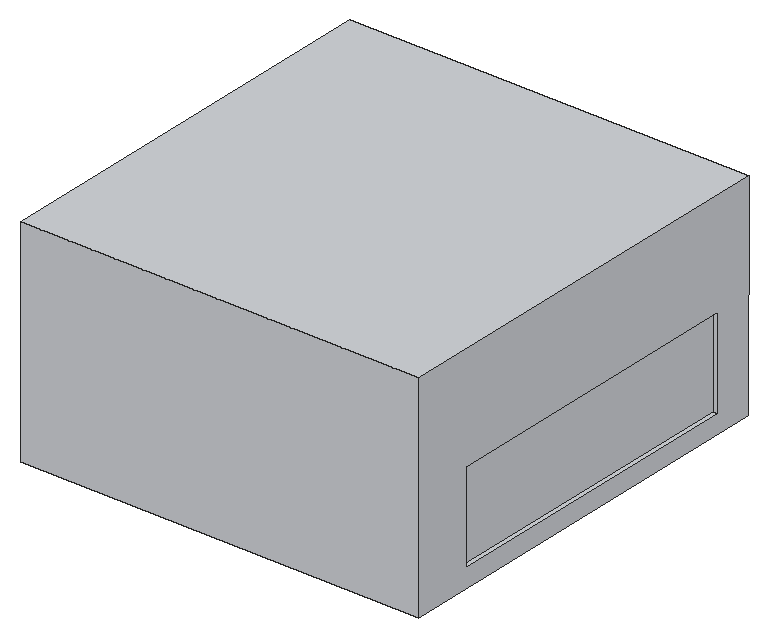
Revit family "M_Unidades AC da cobertura - 53-88 kW - Conexão de retorno lateral", category Equipamento mecânico, Revit 2019
Family settings
  Cota do conector redondo = Utilizar diâmetro
  Tipo de parte = Normal
  Número OmniClass = 23.75.10.24.21.27.14
  Título OmniClass = Packaged Rooftop Air Conditioning Units
  ID de item do Seek = Rooftop AC Unit - 53-88 kW - Side Return Connection-0000-CAN-ENU
  Com base no plano de trabalho = Não
  Sempre na vertical = Sim
  Corte com vazios quando carregada = Não
  Compartilhado = Não
  Ponto de cálculo do ambiente = Não
Parameters (values of type "53 kW")
  Voltagem [instance] = 460 V  # constant formula
  FornecimentoX = 508 mm
  LarguradaUnidade = 2120.9 mm
  AlturadaUnidade = 1143 mm
  ProfundidadedaUnidade = 2187.6 mm
  DeslocamentodoFornecimentoY = 274.6 mm
  DeslocamentodoFornecimentoX = 935 mm
  Símbolos de fornecimento/retorno [instance] = yes
  FormadaPart = "Duto retangular"
  Número de pólos [instance] = 3
  Fluxo mínimo = 4500
  Fluxo máximo = 7500
  FornecimentoY = 1727.2 mm
  Model = ""
  DeslocamentodoRetornoZ = 101.6 mm
  DeslocamentodoRetornoY = 201.6 mm
  LarguradoRetorno = 1676.4 mm
  AlturadoRetorno = 482.6 mm
  Classificação de carga = Refrigeração
  Pressão estática externa [instance] = 348.38 Pa
  Assembly Code = ""
  Carga aparente [instance] = 18000 VA
  Fluxo de ar - Fornecimento [instance] = 2831.68 L/s
  Fluxo de ar - Retorno [instance] = 2831.68 L/s
Types (4, lengths in mm): name | AlturadaUnidade | Fluxo mínimo | Fluxo máximo | Pressão estática externa | Carga aparente | Fluxo de ar - Fornecimento | Fluxo de ar - Retorno
  53 kW | 1143 | 4500 | 7500 | 348.38 Pa | 18000 VA | 2831.68 L/s | 2831.68 L/s
  63 kW | 1143 | 5400 | 9000 | 99.54 Pa | 20000 VA | 3398.02 L/s | 3398.02 L/s
  88 kW | 1200.2 | 7000 | 11250 | 298.61 Pa | 28000 VA | 4306.52 L/s | 4306.52 L/s
  70 kW | 1200.2 | 6000 | 10000 | 447.91 Pa | 27000 VA | 3775.58 L/s | 3775.58 L/s
Reference planes
  plane 1 "Centro (Frente/Trás)": y = 0
  plane 2: z = 0
  plane 3 "Centro (Esquerda/Direita)": x = 0
Forms (mm)
  Extrusion 1, solid
    sketch origin (0, 0, 274.737) x (0, -1, 0) y (1, 0, 0)
      loop
        line (0, 0) -> (-2187.6, 0) -> (-2187.6, -2120.9) -> (0, -2120.9) -> (0, 0)
    from -274.737 to 868.263
  Extrusion 2, void
    sketch origin (0, 0, 274.737) x (0, -1, 0) y (1, 0, 0)
      loop
        line (-274.6, -935) -> (-2001.8, -935) -> (-2001.8, -1443) -> (-274.6, -1443) -> (-274.6, -935)
    from -274.737 to -249.337
  Extrusion 3, void
    sketch origin (0, 0, 0) x (0, 1, 0) y (0, 0, 1)
      loop
        line (309.6, 584.2) -> (309.6, 101.6) -> (1986, 101.6) -> (1986, 584.2) -> (309.6, 584.2)
    from 0 to -25.4
Cuts and joins
  Extrusion 2, Extrusion 3 cuts Extrusion 1
Lines and regions (mm)
  symbolic lines, visible <- "Símbolos de fornecimento/retorno"
    curve 1: line (-1443, 274.6, 274.737) -> (-1443, 2001.8, 274.737)
    curve 2: line (-1443, 2001.8, 274.737) -> (-935, 2001.8, 274.737)
    curve 3: line (-935, 2001.8, 274.737) -> (-935, 274.6, 274.737)
    curve 4: line (-935, 274.6, 274.737) -> (-1443, 274.6, 274.737)
    curve 5: line (-935, 2001.8, 274.737) -> (-1443, 274.6, 274.737)
    curve 6: line (-1443, 2001.8, 274.737) -> (-935, 274.6, 274.737)
    curve 7: line (0, 309.6, 584.2) -> (0, 309.6, 101.6)
    curve 8: line (0, 1986, 584.2) -> (0, 309.6, 584.2)
    curve 9: line (0, 1986, 101.6) -> (0, 1986, 584.2)
    curve 10: line (0, 309.6, 101.6) -> (0, 1986, 101.6)
    curve 11: line (0, 1986, 584.2) -> (0, 309.6, 101.6)
Dimensions and locks
  "LarguradaUnidade": Extrusion 1 sketch curve to plane 3 "Centro (Esquerda/Direita)"
  "ProfundidadedaUnidade": plane 1 "Centro (Frente/Trás)" to Extrusion 1 sketch curve
  "DeslocamentodoFornecimentoY": cut or joined group of Extrusion 1, Extrusion 2, Extrusion 3 to Extrusion 2 sketch curve
  "FornecimentoY": Extrusion 2 sketch curve to Extrusion 2 sketch curve
  "DeslocamentodoFornecimentoX": Extrusion 2 sketch curve to plane 3 "Centro (Esquerda/Direita)"
  "FornecimentoX": Extrusion 2 sketch curve to Extrusion 2 sketch curve
  Extrusion 2 to plane 2 = 25.4 mm
  "AlturadaUnidade": cut or joined group of Extrusion 1, Extrusion 2, Extrusion 3 to cut or joined group of Extrusion 1, Extrusion 2, Extrusion 3
  "DeslocamentodoRetornoY": Extrusion 3 sketch curve to cut or joined group of Extrusion 1, Extrusion 2, Extrusion 3
  "LarguradoRetorno": Extrusion 3 sketch curve to Extrusion 3 sketch curve
  "AlturadoRetorno": Extrusion 3 sketch curve to Extrusion 3 sketch curve
  "DeslocamentodoRetornoZ": Extrusion 3 sketch curve to plane 2
  aligned and locked: plane 3 "Centro (Esquerda/Direita)" to Extrusion 1 sketch curve
  aligned and locked: plane 1 "Centro (Frente/Trás)" to Extrusion 1 sketch curve
  aligned and locked: Extrusion 1 to level
  aligned and locked: Extrusion 2 to level
  aligned and locked: curve 1 to cut or joined group of Extrusion 1, Extrusion 2, Extrusion 3
  aligned and locked: curve 2 to cut or joined group of Extrusion 1, Extrusion 2, Extrusion 3
  aligned and locked: curve 3 to cut or joined group of Extrusion 1, Extrusion 2, Extrusion 3
  aligned and locked: curve 4 to cut or joined group of Extrusion 1, Extrusion 2, Extrusion 3
  aligned and locked: curve 7 to cut or joined group of Extrusion 1, Extrusion 2, Extrusion 3
  aligned and locked: curve 8 to cut or joined group of Extrusion 1, Extrusion 2, Extrusion 3
  aligned and locked: curve 9 to cut or joined group of Extrusion 1, Extrusion 2, Extrusion 3
  aligned and locked: curve 10 to cut or joined group of Extrusion 1, Extrusion 2, Extrusion 3
Connectors
  hvac at (-1189, 1138.2, 25.4), driven by "FornecimentoY", driven by "FornecimentoX", driven by "Fluxo de ar - Fornecimento"
    settings: on cut or joined group of Extrusion 1, Extrusion 2, Extrusion 3, index 0, duct flow 2831.68 L/s, flow factor 0, pres drop 0.0 Pa, loss coef 0, conn angle 0.00°, conn width 508 mm, conn height 1727.2 mm, conn diameter 609.6 mm, duct sys type 1, conn prof type 1, flow config 0, flow direction 2, loss method 0, conn ref index 1, conn util no, is conn primary yes, conn desc ""
  hvac at (-25.4, 1147.8, 342.9), driven by "AlturadoRetorno", driven by "LarguradoRetorno", driven by "Fluxo de ar - Retorno"
    settings: on cut or joined group of Extrusion 1, Extrusion 2, Extrusion 3, index 1, duct flow 2831.68 L/s, flow factor 0, pres drop 0.0 Pa, loss coef 0, conn angle 0.00°, conn width 1676.4 mm, conn height 482.6 mm, conn diameter 609.6 mm, duct sys type 2, conn prof type 1, flow config 0, flow direction 1, loss method 0, conn ref index 0, conn util no, is conn primary no, conn desc ""
  electrical at (-1060.45, 2187.6, 571.5), driven by "Carga aparente", driven by "Voltagem", driven by "Número de pólos", driven by "Classificação de carga"
    settings: on cut or joined group of Extrusion 1, Extrusion 2, Extrusion 3, index 2, voltage 460 V, apparent load 18000 VA, apparent load phase1 0 VA, apparent load phase2 0 VA, apparent load phase3 0 VA, power factor 0.8, load classification "Refrigeração", number of poles 3, system type 30, power factor state 1, is connector primary yes, connector utility no, sub classification motor no, connector description ""
